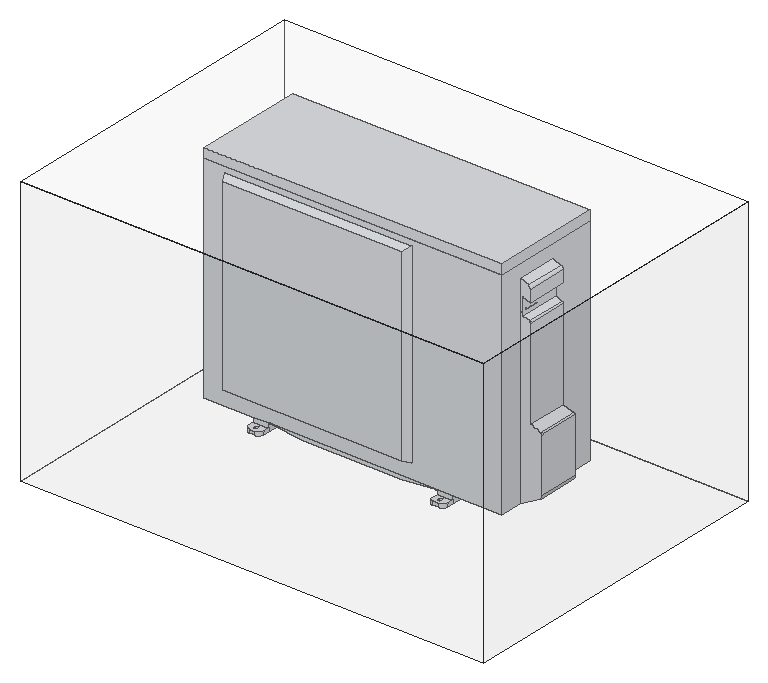
Revit family "puz-ermp40_63ska15_60hz", category 機械設備, Revit 2019
Family settings
  丸型コネクタ寸法 = 直径を使用
  パーツ タイプ = 標準
  OmniClass 番号 = 23.75.10.24.21.27.27
  OmniClass タイトル = Split System Air Conditioning Units
  作業面ベース = いいえ
  常に垂直 = はい
  ロード時にボイドで切り取り = いいえ
  共有 = いいえ
  部屋計算ポイント = いいえ
Parameters (values of type "室外機_PUZ-ERMP40KA15")
  音響パワーレベル_暖房 (dB) = 66
  音響パワーレベル_冷房 (dB) = 64
  音響パワーレベル(dB) = [音響パワーレベル_暖房 (dB)]  # 66
  電源種別 = ""
  電源位置Y = 61 mm
  電源位置Z = 497.7 mm
  電源位置X = 400 mm
  電圧 = 200 V
  電動機出力_送風機 = 0.04 kW
  電動機出力_圧縮機 = 0.7 kW
  集中コントローラ [instance] = ""
  運転質量 = 0.00 kg
  運転方法 = "冷暖切替"
  質量 = if(製品質量 > 運転質量, 製品質量, 運転質量) * 1.2  # 45.60 kg
  負荷分類 = 1_熱源類
  説明 = "空冷H/P PAC インバータ室外機"
  設計暖房能力 [instance] = 0 kW
  設計冷房能力_顕熱 [instance] = 0 kW
  設計冷房能力 [instance] = 0 kW
  設置方法 = "床置形"
  記号 [instance] = ""
  製造元 = "三菱電機株式会社"
  製品質量 = 38.00 kg
  製品出荷対象 = "国内"
  製品リリース年月 = ""
  製品グループ = ""
  系統 [instance] = ""
  符号 = "PAC"
  積算_科目 = "1 空気調和設備"
  積算_拾い区分 [instance] = ""
  相 = 3
  盤記号 [instance] = ""
  発停方法 = "付属スイッチ"
  特殊仕様 [instance] = ""
  消費電力_暖房 = 0 kW
  消費電力_冷房 = 0 kW
  消費電力 = if(消費電力_冷房 > 消費電力_暖房, 消費電力_冷房, 消費電力_暖房)  # 0 kW
  法定耐用年数 = "6"
  構成品番 = "PUZ-ERMP40KA15"
  極数 = 3
  材質 [instance] = ""
  本体マテリアル = none
  最小電線太さ_mm2 = 2
  最大電流値 = 0 A
  暖房能力 = 4 kW
  推奨ブレーカー容量 = 15 A
  据付ピッチ1 = 0 mm
  形式 = "パッケージ形 室外機"
  形名 = PUZ-EZRMP-1 : PUZ-EZRMP-1
  幹線記号 [instance] = ""
  始動方式 = "インバータ始動方式"
  呼称 = "パッケージ形空気調和機_室外機"
  周波数 = 60 Hz
  価格 = 0
  ドレン　位置Z = 8.5 mm
  ドレン　位置Y = 48.5 mm
  ドレン　位置X = 404.5 mm
  アンカーボルト位置Y = 330 mm
  アンカーボルト位置X = 500 mm
  参照している仕様書等のバージョン = "公共建築物標準仕様書（機械設備工事編）平成31年度版"
  分類コード = "5.0053E+13"
  分類グループ = ""
  冷房能力 = 3.6 kW
  冷媒管（ガス）位置X = 420 mm
  冷媒管（液）位置X = 420 mm
  冷媒管（液）位置Y = 153.75 mm
  冷媒管（ガス）位置Y = 153.75 mm
  冷媒管長 [instance] = 0 mm
  冷媒管径符号 = "Ac"
  冷媒管径 = 60.00 mm
  冷媒管位置Z = 158.95 mm
  冷媒管位置Y = (冷媒管（液）位置Y + 冷媒管（ガス）位置Y) / 2  # 153.75 mm
  冷媒管位置X = (冷媒管（液）位置X + 冷媒管（ガス）位置X) / 2  # 420 mm
  冷媒液管径 = 6.35 mm
  冷媒ガス管径 = 12.70 mm
  企業コード = "108420"
  付属品 [instance] = ""
  仕様書バージョン = "Version1.0"
  ユニット数 = 1
  ユニット3 = yes
  ユニット2 = yes
  Model = ""
  ドレン管径 = 42.00 mm
  サービススペース = yes
  コメント [instance] = ""
  ケーブル種類1 = ""
  【値が 0 の項目は組合せ形名にてご確認ください】 = ""
  Width = 809 mm
  Version = ""
  Uniclass2015Version = "Systems v1.9"
  Uniclass2015Title = "Split coil remote air cooled condensing units"
  Uniclass2015Code = "Pr_70_65_03_84"
  URL = "https://www.mitsubishielectric.co.jp/ldg/wink/ssl/top.do"
  SpecificationReference = ""
  SpecificationDescription = ""
  Revision = ""
  ProductInformation = ""
  OmniClassCode = "23-33 17 13 11"
  IfcTypeProduct = ""
  IfcProduct = ""
  IfcExportType = "AIRCONDITIONINGUNIT"
  IfcExportAs = "IfcUnitaryEquipmentType"
  Height = 630 mm
  Depth = 300 mm
  Clearance Top = 100 mm
  Clearance Right = 350 mm
  Clearance Left = 100 mm
  Clearance Front = 500 mm
  Clearance Bottom = 0 mm
  Clearance Back = 100 mm
  COP = 0
  Author = "三菱電機株式会社"
  APF = 0
Reference planes
  plane 1 "中心(正面/背面)": y = 74
  plane 2: z = 0
  plane 3 "中心(左/右)": x = 830
  plane 4 "右": x = 1234.5
  plane 5 "左": x = 425.5
  plane 6 "背面": y = 224
  plane 7 "正面": y = -76
  plane 8 "上部": z = 630
  plane 9 "Clearanse Top": z = 730
  plane 10 "SS_back": y = 324
  plane 11 "SS_front": y = -576
  plane 12 "SS_left": x = 325.5
  plane 13 "SS_right": x = 1584.5
  plane 14: z = 0
  plane 15: y = -15
  plane 16: x = 1230
  plane 17: z = 497.7
  plane 18: y = -13
  plane 19: y = 70.25
  plane 20: x = 1250
  plane 21: y = 175.5
  plane 22: x = 830
  plane 23: z = 10.5
  plane 24: z = 8.5
  plane 25: x = 580
  plane 26: x = 1080
  plane 27: y = 239
  plane 28: y = -91
Forms (mm)
  Extrusion 1, solid, detail levels fine
    sketch origin (0, -76, 0) x (1, 0, 0) y (0, 0, 1)
      loop
        circle (1230, 497.7) r 13.5
    from -63 to -61
  Extrusion 2, solid, detail levels fine
    sketch origin (-1437.329, -1524, 54) x (-1, 0, 0) y (0, -1, 0)
      loop
        circle (-2267.329, -1699.5) r 21
    from -45.5 to -43.5
  Sweep 3, solid, material <- "本体マテリアル", detail levels fine
    path origin (1250, 1296.25, 1200) x (0, 1, 0) y (0, 0, 1)
      loop
        line (-1226, -1041.05) -> (-1272.623, -1084.565)
    profile origin (1250, 46.939, 137.193) x (0, 0.682318, -0.731055) y (1, 0, 0)
      loop
        circle (0, 0) r 30
Lines and regions (mm)
  model lines, not visible
    curve 1: line (460, 178.667, 1289.179) -> (460, 297.73, 1289.179)
    curve 2: line (460, 178.667, 1056.056) -> (460, 178.667, 1289.179)
    curve 3: line (460, 297.73, 1056.056) -> (460, 178.667, 1056.056)
    curve 4: line (460, 297.73, 1289.179) -> (460, 297.73, 1056.056)
    curve 5: line (460, 47.598, 1289.179) -> (460, 166.661, 1289.179)
    curve 6: line (460, 47.598, 1056.056) -> (460, 47.598, 1289.179)
    curve 7: line (460, 166.661, 1056.056) -> (460, 47.598, 1056.056)
    curve 8: line (460, 166.661, 1289.179) -> (460, 166.661, 1056.056)
    curve 9: line (460, -83.471, 1289.179) -> (460, 35.592, 1289.179)
    curve 10: line (460, -83.471, 1056.056) -> (460, -83.471, 1289.179)
    curve 11: line (460, 35.592, 1056.056) -> (460, -83.471, 1056.056)
    curve 12: line (460, 35.592, 1289.179) -> (460, 35.592, 1056.056)
    curve 13: line (460, -150.779, 1289.179) -> (460, -95.75, 1289.179)
    curve 14: line (460, -150.779, 1056.056) -> (460, -150.779, 1289.179)
    curve 15: line (460, -95.75, 1056.056) -> (460, -150.779, 1056.056)
    curve 16: line (460, -95.75, 1289.179) -> (460, -95.75, 1056.056)
    curve 17: line (460, -150.779, 1283.175) -> (460, -132.596, 1283.175)
    curve 18: line (460, -150.779, 1062.059) -> (460, -150.779, 1283.175)
    curve 19: line (460, -132.596, 1062.059) -> (460, -150.779, 1062.059)
    curve 20: line (460, -132.596, 1283.175) -> (460, -132.596, 1062.059)
    curve 21: line (460, 178.667, 1046.051) -> (460, 297.73, 1046.051)
    curve 22: line (460, 178.667, 812.928) -> (460, 178.667, 1046.051)
    curve 23: line (460, 297.73, 812.928) -> (460, 178.667, 812.928)
    curve 24: line (460, 297.73, 1046.051) -> (460, 297.73, 812.928)
    curve 25: line (460, 47.598, 1046.051) -> (460, 166.661, 1046.051)
    curve 26: line (460, 47.598, 812.928) -> (460, 47.598, 1046.051)
    curve 27: line (460, 166.661, 812.928) -> (460, 47.598, 812.928)
    curve 28: line (460, 166.661, 1046.051) -> (460, 166.661, 812.928)
    curve 29: line (460, -83.471, 1046.051) -> (460, 35.592, 1046.051)
    curve 30: line (460, -83.471, 812.928) -> (460, -83.471, 1046.051)
    curve 31: line (460, 35.592, 812.928) -> (460, -83.471, 812.928)
    curve 32: line (460, 35.592, 1046.051) -> (460, 35.592, 812.928)
    curve 33: line (460, -150.779, 1046.051) -> (460, -95.75, 1046.051)
    curve 34: line (460, -150.779, 812.928) -> (460, -150.779, 1046.051)
    curve 35: line (460, -95.75, 812.928) -> (460, -150.779, 812.928)
    curve 36: line (460, -95.75, 1046.051) -> (460, -95.75, 812.928)
    curve 37: line (460, -150.779, 1040.048) -> (460, -132.596, 1040.048)
    curve 38: line (460, -150.779, 818.931) -> (460, -150.779, 1040.048)
    curve 39: line (460, -132.596, 818.931) -> (460, -150.779, 818.931)
    curve 40: line (460, -132.596, 1040.048) -> (460, -132.596, 818.931)
    curve 41: line (460, 178.667, 802.923) -> (460, 297.73, 802.923)
    curve 42: line (460, 178.667, 569.8) -> (460, 178.667, 802.923)
    curve 43: line (460, 297.73, 569.8) -> (460, 178.667, 569.8)
    curve 44: line (460, 297.73, 802.923) -> (460, 297.73, 569.8)
    curve 45: line (460, 47.598, 802.923) -> (460, 166.661, 802.923)
    curve 46: line (460, 47.598, 569.8) -> (460, 47.598, 802.923)
    curve 47: line (460, 166.661, 569.8) -> (460, 47.598, 569.8)
    curve 48: line (460, 166.661, 802.923) -> (460, 166.661, 569.8)
    curve 49: line (460, -83.471, 802.923) -> (460, 35.592, 802.923)
    curve 50: line (460, -83.471, 569.8) -> (460, -83.471, 802.923)
    curve 51: line (460, 35.592, 569.8) -> (460, -83.471, 569.8)
    curve 52: line (460, 35.592, 802.923) -> (460, 35.592, 569.8)
    curve 53: line (460, -150.779, 802.923) -> (460, -95.75, 802.923)
    curve 54: line (460, -150.779, 569.8) -> (460, -150.779, 802.923)
    curve 55: line (460, -95.75, 569.8) -> (460, -150.779, 569.8)
    curve 56: line (460, -95.75, 802.923) -> (460, -95.75, 569.8)
    curve 57: line (460, -150.779, 796.92) -> (460, -132.596, 796.92)
    curve 58: line (460, -150.779, 575.803) -> (460, -150.779, 796.92)
    curve 59: line (460, -132.596, 575.803) -> (460, -150.779, 575.803)
    curve 60: line (460, -132.596, 796.92) -> (460, -132.596, 575.803)
    curve 61: line (460, 178.667, 559.795) -> (460, 297.73, 559.795)
    curve 62: line (460, 178.667, 326.672) -> (460, 178.667, 559.795)
    curve 63: line (460, 297.73, 326.672) -> (460, 178.667, 326.672)
    curve 64: line (460, 297.73, 559.795) -> (460, 297.73, 326.672)
    curve 65: line (460, 47.598, 559.795) -> (460, 166.661, 559.795)
    curve 66: line (460, 47.598, 326.672) -> (460, 47.598, 559.795)
    curve 67: line (460, 166.661, 326.672) -> (460, 47.598, 326.672)
    curve 68: line (460, 166.661, 559.795) -> (460, 166.661, 326.672)
    curve 69: line (460, -83.471, 559.795) -> (460, 35.592, 559.795)
    curve 70: line (460, -83.471, 326.672) -> (460, -83.471, 559.795)
    curve 71: line (460, 35.592, 326.672) -> (460, -83.471, 326.672)
    curve 72: line (460, 35.592, 559.795) -> (460, 35.592, 326.672)
    curve 73: line (460, -150.779, 559.795) -> (460, -95.75, 559.795)
    curve 74: line (460, -150.779, 326.672) -> (460, -150.779, 559.795)
    curve 75: line (460, -95.75, 326.672) -> (460, -150.779, 326.672)
    curve 76: line (460, -95.75, 559.795) -> (460, -95.75, 326.672)
    curve 77: line (460, -150.779, 553.792) -> (460, -132.596, 553.792)
    curve 78: line (460, -150.779, 332.675) -> (460, -150.779, 553.792)
    curve 79: line (460, -132.596, 332.675) -> (460, -150.779, 332.675)
    curve 80: line (460, -132.596, 553.792) -> (460, -132.596, 332.675)
    curve 81: line (460, 178.667, 316.667) -> (460, 297.73, 316.667)
    curve 82: line (460, 178.667, 83.544) -> (460, 178.667, 316.667)
    curve 83: line (460, 297.73, 83.544) -> (460, 178.667, 83.544)
    curve 84: line (460, 297.73, 316.667) -> (460, 297.73, 83.544)
    curve 85: line (460, 47.598, 316.667) -> (460, 166.661, 316.667)
    curve 86: line (460, 47.598, 83.544) -> (460, 47.598, 316.667)
    curve 87: line (460, 166.661, 83.544) -> (460, 47.598, 83.544)
    curve 88: line (460, 166.661, 316.667) -> (460, 166.661, 83.544)
    curve 89: line (460, -83.471, 316.667) -> (460, 35.592, 316.667)
    curve 90: line (460, -83.471, 83.544) -> (460, -83.471, 316.667)
    curve 91: line (460, 35.592, 83.544) -> (460, -83.471, 83.544)
    curve 92: line (460, 35.592, 316.667) -> (460, 35.592, 83.544)
    curve 93: line (460, -150.779, 316.667) -> (460, -95.75, 316.667)
    curve 94: line (460, -150.779, 83.544) -> (460, -150.779, 316.667)
    curve 95: line (460, -95.75, 83.544) -> (460, -150.779, 83.544)
    curve 96: line (460, -95.75, 316.667) -> (460, -95.75, 83.544)
    curve 97: line (460, -150.779, 310.664) -> (460, -132.596, 310.664)
    curve 98: line (460, -150.779, 89.547) -> (460, -150.779, 310.664)
    curve 99: line (460, -132.596, 89.547) -> (460, -150.779, 89.547)
    curve 100: line (460, -132.596, 310.664) -> (460, -132.596, 89.547)
Dimensions and locks
  equal spacing: plane 7 "正面", plane 1 "中心(正面/背面)", plane 6 "背面"
  "Depth": plane 7 "正面" to plane 6 "背面"
  "Width": plane 5 "左" to plane 4 "右"
  equal spacing: plane 5 "左", plane 3 "中心(左/右)", plane 4 "右"
  "Clearance Left": plane 12 "SS_left" to plane 5 "左"
  "Clearance Right": plane 4 "右" to plane 13 "SS_right"
  "Clearance Back": plane 6 "背面" to plane 10 "SS_back"
  "Clearance Front": plane 11 "SS_front" to plane 7 "正面"
  "Height": plane 8 "上部" to level
  "Clearance Top": plane 9 "Clearanse Top" to plane 8 "上部"
  "Clearance Bottom": level to plane 14
  "電源位置X": plane 3 "中心(左/右)" to plane 16
  "電源位置Y": plane 7 "正面" to plane 15
  "電源位置Z": plane 17 to level
  locked: plane 15 to plane 18 at 2
  "冷媒管位置X": plane 3 "中心(左/右)" to plane 20
  "冷媒管位置Y": plane 19 to plane 6 "背面"
  "ドレン　位置X": plane 5 "左" to plane 22
  "ドレン　位置Y": plane 21 to plane 6 "背面"
  locked: plane 23 to plane 24 at 2
  "ドレン　位置Z": plane 24 to level
  equal spacing: plane 28, plane 1 "中心(正面/背面)", plane 27
  "アンカーボルト位置Y": plane 28 to plane 27
  equal spacing: plane 25, plane 3 "中心(左/右)", plane 26
  "アンカーボルト位置X": plane 25 to plane 26
  radius of Extrusion 1 sketch curve = 13.5 mm
  "ドレン管径": diameter of Extrusion 2 sketch curve
  "冷媒管径": diameter of Sweep 3 sketch curve
  aligned and locked: level to plane 2
  aligned and locked: plane 10 "SS_back" to nested 1  (x2)
  aligned and locked: plane 13 "SS_right" to nested 1
  aligned and locked: plane 12 "SS_left" to nested 1  (x2)
  aligned and locked: nested 1 to plane 13 "SS_right"
  aligned and locked: plane 11 "SS_front" to nested 1
  aligned and locked: plane 9 "Clearanse Top" to nested 1
  aligned and locked: plane 1 "中心(正面/背面)" to nested 2
  aligned and locked: plane 3 "中心(左/右)" to nested 2
  aligned and locked: plane 14 to nested 1
  aligned and locked: plane 17 to Extrusion 1 sketch curve
  aligned and locked: plane 16 to Extrusion 1 sketch curve
  aligned and locked: Extrusion 1 to plane 18
  aligned and locked: plane 15 to Extrusion 1
  aligned and locked: plane 22 to Extrusion 2 sketch curve
  aligned and locked: plane 21 to Extrusion 2 sketch curve
  aligned and locked: plane 23 to Extrusion 2
  aligned and locked: Extrusion 2 to plane 24
  aligned and locked: plane 25 to nested 3
  aligned and locked: plane 27 to nested 3
Automatic sketch dimensions
  Sweep 3 sketch curve to plane 18 = 36.627 mm
  plane 1 "中心(正面/背面)" to Sweep 3 sketch curve = 3.75 mm
  plane 23 to Sweep 3 sketch curve = 104.935 mm
  Sweep 3 sketch curve to Sweep 3 sketch curve = 43.515 mm
  Sweep 3 sketch curve to plane 20 = 0 mm
  Sweep 3 sketch curve to profile plane = 0 mm
Nested families
  nested 1: "サービススペース" at (955, -126, 365), visible <- "サービススペース", type "サービススペース"
    with Width 1259 mm, Height 730 mm, Depth 900 mm
  nested 2: "PUZ-EZRMP-1" at (830, 74, 0), type <- "形名", type "PUZ-EZRMP-1", detail levels fine
  nested 3: "固定点" at (580, -91, 0), type "固定点"
    with 中心円 10 mm, W 500 mm, D 330 mm
Connectors
  electrical at (1230, -15, 497.7), driven by "極数", driven by "負荷分類", driven by "電圧", driven by "消費電力"
    settings: on Extrusion 1, index 2, voltage 200 V, apparent load 0 VA, apparent load phase1 0 VA, apparent load phase2 0 VA, apparent load phase3 0 VA, power factor 1, load classification "1_熱源類", number of poles 3, system type 30, power factor state 1, is connector primary yes, connector utility no, sub classification motor no, connector description ""
  piping at (1250, 70.25, 158.95), diameter 60, driven by "冷媒管径", driven by "冷媒管径符号"
    settings: on Sweep 3, index 3, connector inside diameter 609.60 mm, connector length 0 mm, flow factor 0, pipe flow 0.0 L/s, pressure drop 0.0 Pa, fitting loss kfactor 0, connector angle 0.00°, fixture units 0, engagement length 0 mm, angle of deflection 0.00°, flow configuration 1, flow direction 2, fitting loss method 4, system type 7, joint type 0, gender type 0, connector reference index -1, connector utility 0, adjustable connector no, is connector primary yes, connector description "Ac"
Definition of nested family "サービススペース"
  Parameters (values of type "サービススペース")
    Width [instance] = 500 mm
    Height [instance] = 500 mm
    Depth [instance] = 500 mm
  Reference planes
    plane 1 "中心(正面/背面)": y = 0
    plane 2: z = 0
    plane 3 "中心(左/右)": x = 0
    plane 4: y = -250
    plane 5: x = 250
    plane 6: y = 250
    plane 7: x = -250
    plane 8: z = 250
    plane 9: z = -250
  Forms (mm)
    Extrusion 1, solid
      sketch origin (-638.939, 0, 72.39) x (1, 0, 0) y (0, 1, 0)
        loop
          line (388.939, 250) -> (388.939, -250) -> (888.939, -250) -> (888.939, 250) -> (388.939, 250)
      from -322.39 to 177.61
  Lines and regions (mm)
    symbolic lines
      curve 1: line (-250, 0, 250) -> (250, 0, 250)
      curve 2: line (-250, 0, -250) -> (-250, 0, 250)
      curve 3: line (250, 0, -250) -> (-250, 0, -250)
      curve 4: line (250, 0, 250) -> (250, 0, -250)
      curve 5: line (0, -250, 250) -> (0, 250, 250)
      curve 6: line (0, -250, -250) -> (0, -250, 250)
      curve 7: line (0, 250, -250) -> (0, -250, -250)
      curve 8: line (0, 250, 250) -> (0, 250, -250)
      curve 9: line (-250, 250, 0) -> (250, 250, 0)
      curve 10: line (-250, -250, 0) -> (-250, 250, 0)
      curve 11: line (250, -250, 0) -> (-250, -250, 0)
      curve 12: line (250, 250, 0) -> (250, -250, 0)
  Dimensions and locks
    equal spacing: plane 7, plane 3 "中心(左/右)", plane 5
    equal spacing: plane 4, plane 1 "中心(正面/背面)", plane 6
    "Depth": plane 4 to plane 6
    "Width": plane 7 to plane 5
    equal spacing: plane 8, plane 2, plane 9
    "Height": plane 8 to plane 9
    aligned and locked: plane 9 to curve 3
    aligned and locked: plane 7 to curve 2
    aligned and locked: curve 4 to plane 5
    aligned and locked: plane 5 to Extrusion 1
    aligned and locked: Extrusion 1 to plane 7
    aligned and locked: Extrusion 1 to plane 9
    aligned and locked: plane 8 to Extrusion 1
    aligned and locked: plane 9 to curve 7
  Automatic sketch dimensions
    plane 4 to Extrusion 1 sketch curve = 0 mm
    Extrusion 1 sketch curve to plane 7 = 0 mm
    Extrusion 1 sketch curve to plane 5 = 0 mm
    plane 6 to Extrusion 1 sketch curve = 0 mm
    curve 2 to plane 8 = 0 mm
    plane 4 to curve 11 = 0 mm
    curve 11 to plane 7 = 0 mm
    curve 11 to plane 5 = 0 mm
    plane 6 to curve 10 = 0 mm
    curve 7 to plane 4 = 0 mm
    curve 7 to plane 6 = 0 mm
    curve 6 to plane 8 = 0 mm
Definition of nested family "PUZ-EZRMP-1"
  Parameters (values of type "PUZ-ZRMP-1")
    配線取出口サイズ = 27 mm
    配線取出口-Z = 497.7 mm
    配線取出口-Y = 239 mm
    配線取出口-X = 400 mm
    液配管サイズ = 50 mm
    高さ = 630 mm
    換気-W = 310 mm
    換気-H2 = 632 mm
    換気-H1 = 325 mm
    換気-D = 20 mm
    奥行き = 300 mm
    吊りボルト_H = 0 mm
    吊りボルト-φ = 10 mm
    冷媒配管サイズ = 6.35 mm
    冷媒液管径-Z = 164.5 mm
    冷媒液管径-Y = 185.5 mm
    冷媒液管径-X = 420 mm
    冷媒ガス管径-Z = 99.5 mm
    冷媒ガス管径-Y = 185.5 mm
    冷媒ガス管径-X = 420 mm
    吊りボルト-W = 500 mm
    マテリアル = none
    ドレン配管サイズ = 42 mm
    ドレン管径-Z = 0 mm
    ドレン管径-Y = 251.5 mm
    ドレン管径-X = 404.5 mm
    タイプ3 = no
    タイプ2 = no
    タイプ1 = yes
    ガス配管サイズ = 12.7 mm
    吊りボルト-D = 330 mm
    幅さ = 809 mm
    a = 600 mm
  Reference planes
    plane 1 "中心(正面/背面)": y = 0
    plane 2: z = 0
    plane 3 "中心(左/右)": x = 0
    plane 4: z = 630
    plane 5: x = -404.5
    plane 6: x = 404.5
    plane 7: y = 150
    plane 8: y = -150
    plane 9: x = 466.5
    plane 10: y = -90
    plane 11: y = 20
    plane 12: z = 605
    plane 13: x = -424.5
    plane 14: x = -250
    plane 15: x = 250
    plane 16: y = 165
    plane 17: y = -165
    plane 18: x = 270
    plane 19: x = 230
    plane 20: x = -230
    plane 21: x = -270
    plane 22: y = 180
    plane 23: y = -180
    plane 24: z = 8.5
    plane 25: z = 20
    plane 26: z = 11.5
    plane 27: x = -135
    plane 28: x = 135
    plane 29: z = 625
    plane 30: y = -40
    plane 31: y = 40
    plane 32: y = -30
    plane 33: y = 30
    plane 34: z = 610
    plane 35: z = 55
    plane 36: z = 225
    plane 37: z = 570
    plane 38: x = 414.5
    plane 39: x = 435.5
    plane 40: y = -170
    plane 41: x = -94.5
    plane 42: z = 325
    plane 43: x = 159.5
    plane 44: x = -348.5
    plane 45: z = 589
    plane 46: z = 61
    plane 47: x = -338.5
    plane 48: x = 149.5
    plane 49: z = 579
    plane 50: z = 71
    plane 51: y = 100
    plane 52: y = -100
    plane 53: x = 0
    plane 54: y = 101.5
    plane 55: x = 420
    plane 56: x = 400
    plane 57: y = -89
    plane 58: y = -35.5
    plane 59: y = -35.5
    plane 60: x = 420
    plane 61: z = 99.5
    plane 62: z = 164.5
    plane 63: z = 497.7
    plane 64: y = -39
    plane 65: z = 137.3
    plane 66: z = 180.6
    plane 67: x = 420
    plane 68: y = -35.5
    plane 69 "グループ": x = -600
    plane 70: z = 1338
    plane 71: z = 943
    plane 72: z = 957
    plane 73: z = 1221
    plane 74: z = 693
    plane 75: z = 1211
    plane 76: z = 703
    plane 77: y = -12.5
    plane 78: y = 5
    plane 79: y = -3.75
  Forms (mm)
    Extrusion 1, solid, visible <- "タイプ1", detail levels fine
      sketch origin (-1437.329, -1524, 630) x (-1, 0, 0) y (0, -1, 0)
        loop
          line (-1167.329, -1674) -> (-1167.329, -1374) -> (-1207.329, -1374) -> (-1207.329, -1674) -> (-1167.329, -1674)
        loop
          line (-1667.329, -1674) -> (-1667.329, -1374) -> (-1707.329, -1374) -> (-1707.329, -1674) -> (-1667.329, -1674)
      from -630 to -610
    Extrusion 2, solid, material <- "マテリアル", visible <- "タイプ1", detail levels fine
      sketch origin (0, 0, 0) x (1, 0, 0) y (0, 0, 1)
        loop
          line (-230, 20) -> (-135, 11.5) -> (135, 11.5) -> (230, 20) -> (-230, 20)
      from -150 to 150
    Extrusion 3, solid, material <- "マテリアル", visible <- "タイプ1", detail levels fine
      sketch origin (-1437.329, -1524, 630) x (-1, 0, 0) y (0, -1, 0)
        loop
          circle (-1437.329, -1625.5) r 21
      from -621.5 to -618.5
    Extrusion 4, solid, material <- "マテリアル", visible <- "タイプ1", detail levels fine
      sketch origin (-1437.329, -1524, 630) x (-1, 0, 0) y (0, -1, 0)
        loop
          line (-1841.829, -1674) -> (-1032.829, -1674) -> (-1032.829, -1374) -> (-1841.829, -1374) -> (-1841.829, -1674)
      from -610 to -25
    Extrusion 5, solid, material <- "マテリアル", visible <- "タイプ1", detail levels fine
      sketch origin (-1437.329, -1524, 630) x (-1, 0, 0) y (0, -1, 0)
        loop
          line (-1032.829, -1674) -> (-1032.829, -1374) -> (-1841.829, -1374) -> (-1841.829, -1674) -> (-1032.829, -1674)
      from -25 to 0
    Blend 6, solid, material <- "マテリアル", visible <- "タイプ1", detail levels fine
      base sketch origin (0, 0, 0) x (0, 1, 0) y (0, 0, 1)
        loop
          line (40, 625) -> (-40, 625) -> (-40, 605) -> (40, 605) -> (40, 625)
      top sketch origin (0, 0, 0) x (0, 1, 0) y (0, 0, 1)
        loop
          line (30, 610) -> (-30, 610) -> (-30, 605) -> (30, 605) -> (30, 610)
      from -404.5 to -424.5
    Extrusion 7, solid, material <- "マテリアル", visible <- "タイプ1", detail levels fine
      sketch origin (0, 0, 0) x (1, 0, 0) y (0, 0, 1)
        loop
          line (404.5, 570) -> (404.5, 20) -> (461.416, 52.13)
          arc (461.416, 52.13) -> (465.136, 55.796) -> (466.5, 60.838) r 10
          line (466.5, 60.838) -> (466.5, 210.216)
          arc (466.5, 210.216) -> (465.596, 213.084) -> (463.21, 214.914) r 5
          line (463.21, 214.914) -> (435.5, 225) -> (435.5, 470.082)
          arc (435.5, 470.082) -> (434.596, 472.95) -> (432.21, 474.78) r 5
          line (432.21, 474.78) -> (414.5, 481.226) -> (414.5, 529.114) -> (435.5, 521.471) -> (435.5, 551.715)
          arc (435.5, 551.715) -> (433.692, 557.451) -> (428.92, 561.112) r 10
          line (428.92, 561.112) -> (404.5, 570)
      from -20 to 90
    Blend 8, solid, material <- "マテリアル", visible <- "タイプ1", detail levels fine
      base sketch origin (0, 0, 0) x (1, 0, 0) y (0, 0, 1)
        loop
          line (-348.5, 589) -> (-348.5, 61) -> (159.5, 61) -> (159.5, 589) -> (-348.5, 589)
      top sketch origin (0, 0, 0) x (1, 0, 0) y (0, 0, 1)
        loop
          line (-338.5, 579) -> (-338.5, 71) -> (149.5, 71) -> (149.5, 579) -> (-338.5, 579)
      from 150 to 170
    Extrusion 9, solid, material <- "マテリアル", visible <- "タイプ1", detail levels fine
      sketch origin (1480.036, -170, 1200) x (1, 0, 0) y (0, 0, 1)
        loop
          circle (-1080.036, -702.3) r 13.5
      from -131 to -81
    Extrusion 10, solid, visible <- "タイプ1", detail levels fine
      sketch origin (-1437.329, -1524, 630) x (-1, 0, 0) y (0, -1, 0)
        loop
          line (-1167.329, -1704) -> (-1167.329, -1674) -> (-1207.329, -1674) -> (-1207.329, -1704) -> (-1192.329, -1704) -> (-1192.329, -1689)
          arc (-1192.329, -1689) -> (-1187.329, -1684) -> (-1182.329, -1689) r 5
          line (-1182.329, -1689) -> (-1182.329, -1704) -> (-1167.329, -1704)
        loop
          line (-1667.329, -1704) -> (-1667.329, -1674) -> (-1707.329, -1674) -> (-1707.329, -1704) -> (-1692.329, -1704) -> (-1692.329, -1689)
          arc (-1692.329, -1689) -> (-1687.329, -1684) -> (-1682.329, -1689) r 5
          line (-1682.329, -1689) -> (-1682.329, -1704) -> (-1667.329, -1704)
        loop
          line (-1667.329, -1374) -> (-1667.329, -1354)
          arc (-1667.329, -1354) -> (-1670.258, -1346.929) -> (-1677.329, -1344) r 10
          line (-1677.329, -1344) -> (-1694.129, -1344)
          arc (-1694.129, -1344) -> (-1703.463, -1347.866) -> (-1707.329, -1357.2) r 13.2
          line (-1707.329, -1357.2) -> (-1707.329, -1374) -> (-1667.329, -1374)
        loop
          line (-1167.329, -1374) -> (-1167.329, -1357.2)
          arc (-1167.329, -1357.2) -> (-1171.196, -1347.866) -> (-1180.529, -1344) r 13.2
          line (-1180.529, -1344) -> (-1194.129, -1344)
          arc (-1194.129, -1344) -> (-1203.463, -1347.866) -> (-1207.329, -1357.2) r 13.2
          line (-1207.329, -1357.2) -> (-1207.329, -1374) -> (-1167.329, -1374)
        loop
          arc (-1192.329, -1359) -> (-1187.329, -1364) -> (-1182.329, -1359) r 5
          line (-1182.329, -1359) -> (-1182.329, -1357.2)
          arc (-1182.329, -1357.2) -> (-1187.329, -1352.2) -> (-1192.329, -1357.2) r 5
          line (-1192.329, -1357.2) -> (-1192.329, -1359)
        loop
          arc (-1692.329, -1359) -> (-1687.329, -1364) -> (-1682.329, -1359) r 5
          line (-1682.329, -1359) -> (-1682.329, -1357.2)
          arc (-1682.329, -1357.2) -> (-1687.329, -1352.2) -> (-1692.329, -1357.2) r 5
          line (-1692.329, -1357.2) -> (-1692.329, -1359)
      from -621.5 to -630
    Sweep 11, solid, material <- "マテリアル", visible <- "タイプ1", detail levels fine
      path origin (420, 1296.25, 1200) x (0, 1, 0) y (0, 0, 1)
        loop
          line (-1331.75, -1035.5) -> (-1308.75, -1019.4)
      profile origin (420, -24, 172.55) x (0, -0.573462, 0.819232) y (1, 0, 0)
        loop
          circle (0, 0) r 3.175
    Sweep 12, solid, material <- "マテリアル", visible <- "タイプ1", detail levels fine
      path origin (420, 1296.25, 1200) x (0, 1, 0) y (0, 0, 1)
        loop
          line (-1331.75, -1100.5) -> (-1291.25, -1062.7)
      profile origin (420, -15.25, 118.4) x (0, -0.682318, 0.731055) y (1, 0, 0)
        loop
          circle (0, 0) r 6.35
  Lines and regions (mm)
    Masking region 1, visible <- "タイプ1", detail levels coarse+medium
      outline origin (-1437.329, -1524, 630) x (-1, 0, 0) y (0, -1, 0)
        loop
          line (-1841.829, -1674) -> (-1707.329, -1674) -> (-1707.329, -1704) -> (-1667.329, -1704) -> (-1667.329, -1674) -> (-1207.329, -1674) -> (-1207.329, -1704) -> (-1167.329, -1704) -> (-1167.329, -1674) -> (-1032.829, -1674) -> (-1032.829, -1564) -> (-1012.829, -1554) -> (-1012.829, -1494) -> (-1032.829, -1484) -> (-1032.829, -1374) -> (-1088.829, -1374) -> (-1098.829, -1354) -> (-1164.523, -1354)
          arc (-1164.523, -1354) -> (-1169.205, -1346.796) -> (-1177.329, -1344) r 13.2
          line (-1177.329, -1344) -> (-1193.997, -1344)
          arc (-1193.997, -1344) -> (-1202.121, -1346.796) -> (-1206.804, -1354) r 13.2
          line (-1206.804, -1354) -> (-1586.829, -1354) -> (-1596.829, -1374) -> (-1667.329, -1374) -> (-1667.329, -1354)
          arc (-1667.329, -1354) -> (-1670.258, -1346.929) -> (-1677.329, -1344) r 10
          line (-1677.329, -1344) -> (-1694.129, -1344)
          arc (-1694.129, -1344) -> (-1703.463, -1347.866) -> (-1707.329, -1357.2) r 13.2
          line (-1707.329, -1357.2) -> (-1707.329, -1374) -> (-1841.829, -1374) -> (-1841.829, -1434) -> (-1903.829, -1434) -> (-1903.829, -1544) -> (-1841.829, -1544) -> (-1841.829, -1674)
    model lines, visible <- "タイプ1", detail levels fine
      curve 1: line (324.5, 100, 630) -> (-324.5, 100, 630)
      curve 2: line (-324.5, -100, 630) -> (324.5, -100, 630)
      curve 3: line (-324.5, -40, 630) -> (324.5, -40, 630)
      curve 4: line (324.5, 40, 630) -> (-324.5, 40, 630)
      curve 5: line (-324.5, -30, 630) -> (324.5, -30, 630)
      curve 6: line (324.5, 30, 630) -> (-324.5, 30, 630)
      curve 7: line (-324.5, 100, 630) -> (-324.5, 40, 630)
      curve 8: line (324.5, -100, 630) -> (324.5, -40, 630)
      curve 9: line (-324.5, 30, 630) -> (-324.5, -30, 630)
      curve 10: line (-324.5, -40, 630) -> (-324.5, -100, 630)
      curve 11: line (324.5, -30, 630) -> (324.5, 30, 630)
      curve 12: line (324.5, 40, 630) -> (324.5, 100, 630)
      curve 13: line (354.5, -100, 630) -> (354.5, 100, 630)
      curve 14: line (339.5, -100, 630) -> (339.5, 100, 630)
      curve 15: line (-354.5, 100, 630) -> (-354.5, -100, 630)
      curve 16: line (-339.5, 100, 630) -> (-339.5, -100, 630)
      curve 17: line (-339.5, 100, 630) -> (-354.5, 100, 630)
      curve 18: line (-339.5, -100, 630) -> (-354.5, -100, 630)
      curve 19: line (339.5, 100, 630) -> (354.5, 100, 630)
      curve 20: line (339.5, -100, 630) -> (354.5, -100, 630)
      curve 21: line (-338.5, -170, 372.5) -> (149.5, -170, 372.5)
      curve 22: line (149.5, -170, 277.5) -> (-338.5, -170, 277.5)
      curve 23: line (-338.5, -170, 467.5) -> (149.5, -170, 467.5)
      curve 24: line (-338.5, -170, 562.5) -> (149.5, -170, 562.5)
      curve 25: line (149.5, -170, 182.5) -> (-338.5, -170, 182.5)
      curve 26: line (149.5, -170, 87.5) -> (-338.5, -170, 87.5)
      curve 27: line (-321.071, -170, 579) -> (-321.071, -170, 71)
      curve 28: line (132.071, -170, 71) -> (132.071, -170, 579)
      curve 29: line (-303.643, -170, 579) -> (-303.643, -170, 71)
      curve 30: line (-286.214, -170, 579) -> (-286.214, -170, 71)
      curve 31: line (-268.786, -170, 579) -> (-268.786, -170, 71)
      curve 32: line (-251.357, -170, 579) -> (-251.357, -170, 71)
      curve 33: line (-233.929, -170, 579) -> (-233.929, -170, 71)
      curve 34: line (-216.5, -170, 579) -> (-216.5, -170, 71)
      curve 35: line (-199.071, -170, 579) -> (-199.071, -170, 71)
      curve 36: line (-181.643, -170, 579) -> (-181.643, -170, 71)
      curve 37: line (-164.214, -170, 579) -> (-164.214, -170, 71)
      curve 38: line (-146.786, -170, 579) -> (-146.786, -170, 71)
      curve 39: line (-129.357, -170, 579) -> (-129.357, -170, 71)
      curve 40: line (-111.929, -170, 579) -> (-111.929, -170, 71)
      curve 41: line (-94.5, -170, 579) -> (-94.5, -170, 71)
      curve 42: line (-77.071, -170, 579) -> (-77.071, -170, 71)
      curve 43: line (-59.643, -170, 579) -> (-59.643, -170, 71)
      curve 44: line (-42.214, -170, 579) -> (-42.214, -170, 71)
      curve 45: line (-24.786, -170, 579) -> (-24.786, -170, 71)
      curve 46: line (-7.357, -170, 579) -> (-7.357, -170, 71)
      curve 47: line (10.071, -170, 579) -> (10.071, -170, 71)
      curve 48: line (27.5, -170, 579) -> (27.5, -170, 71)
      curve 49: line (44.929, -170, 579) -> (44.929, -170, 71)
      curve 50: line (62.357, -170, 579) -> (62.357, -170, 71)
      curve 51: line (79.786, -170, 579) -> (79.786, -170, 71)
      curve 52: line (97.214, -170, 579) -> (97.214, -170, 71)
      curve 53: line (114.643, -170, 579) -> (114.643, -170, 71)
      curve 54: line (-404.5, -10, 574) -> (-404.5, -10, 584)
      curve 55: line (-404.5, -100, 584) -> (-404.5, -100, 574)
      curve 56: line (-404.5, 100, 584) -> (-404.5, 100, 574)
      curve 57: line (-404.5, 10, 584) -> (-404.5, 10, 574)
      curve 58: line (-404.5, 95, 589) -> (-404.5, 15, 589)
      curve 59: line (-404.5, -15, 589) -> (-404.5, -95, 589)
      curve 60: line (-404.5, -15, 569) -> (-404.5, -95, 569)
      curve 61: line (-404.5, 95, 569) -> (-404.5, 15, 569)
      curve 62: arc (-404.5, 100, 584) -> (-404.5, 98.536, 587.536) -> (-404.5, 95, 589) r 5
      curve 63: arc (-404.5, 95, 569) -> (-404.5, 98.536, 570.464) -> (-404.5, 100, 574) r 5
      curve 64: arc (-404.5, 10, 584) -> (-404.5, 11.464, 587.536) -> (-404.5, 15, 589) r 5
      curve 65: arc (-404.5, 10, 574) -> (-404.5, 11.464, 570.464) -> (-404.5, 15, 569) r 5
      curve 66: arc (-404.5, -10, 584) -> (-404.5, -11.464, 587.536) -> (-404.5, -15, 589) r 5
      curve 67: arc (-404.5, -15, 569) -> (-404.5, -11.464, 570.464) -> (-404.5, -10, 574) r 5
      curve 68: arc (-404.5, -95, 589) -> (-404.5, -98.536, 587.536) -> (-404.5, -100, 584) r 5
      curve 69: arc (-404.5, -100, 574) -> (-404.5, -98.536, 570.464) -> (-404.5, -95, 569) r 5
      curve 70: line (-404.5, -10, 544) -> (-404.5, -10, 554)
      curve 71: line (-404.5, -100, 554) -> (-404.5, -100, 544)
      curve 72: line (-404.5, 100, 554) -> (-404.5, 100, 544)
      curve 73: line (-404.5, 10, 554) -> (-404.5, 10, 544)
      curve 74: line (-404.5, 95, 559) -> (-404.5, 15, 559)
      curve 75: line (-404.5, -15, 559) -> (-404.5, -95, 559)
      curve 76: line (-404.5, -15, 539) -> (-404.5, -95, 539)
      curve 77: line (-404.5, 95, 539) -> (-404.5, 15, 539)
      curve 78: arc (-404.5, 100, 554) -> (-404.5, 98.536, 557.536) -> (-404.5, 95, 559) r 5
      curve 79: arc (-404.5, 95, 539) -> (-404.5, 98.536, 540.464) -> (-404.5, 100, 544) r 5
      curve 80: arc (-404.5, 10, 554) -> (-404.5, 11.464, 557.536) -> (-404.5, 15, 559) r 5
      curve 81: arc (-404.5, 10, 544) -> (-404.5, 11.464, 540.464) -> (-404.5, 15, 539) r 5
      curve 82: arc (-404.5, -10, 554) -> (-404.5, -11.464, 557.536) -> (-404.5, -15, 559) r 5
      curve 83: arc (-404.5, -15, 539) -> (-404.5, -11.464, 540.464) -> (-404.5, -10, 544) r 5
      curve 84: arc (-404.5, -95, 559) -> (-404.5, -98.536, 557.536) -> (-404.5, -100, 554) r 5
      curve 85: arc (-404.5, -100, 544) -> (-404.5, -98.536, 540.464) -> (-404.5, -95, 539) r 5
      curve 86: line (-404.5, -10, 514) -> (-404.5, -10, 524)
      curve 87: line (-404.5, -100, 524) -> (-404.5, -100, 514)
      curve 88: line (-404.5, 100, 524) -> (-404.5, 100, 514)
      curve 89: line (-404.5, 10, 524) -> (-404.5, 10, 514)
      curve 90: line (-404.5, 95, 529) -> (-404.5, 15, 529)
      curve 91: line (-404.5, -15, 529) -> (-404.5, -95, 529)
      curve 92: line (-404.5, -15, 509) -> (-404.5, -95, 509)
      curve 93: line (-404.5, 95, 509) -> (-404.5, 15, 509)
      curve 94: arc (-404.5, 100, 524) -> (-404.5, 98.536, 527.536) -> (-404.5, 95, 529) r 5
      curve 95: arc (-404.5, 95, 509) -> (-404.5, 98.536, 510.464) -> (-404.5, 100, 514) r 5
      curve 96: arc (-404.5, 10, 524) -> (-404.5, 11.464, 527.536) -> (-404.5, 15, 529) r 5
      curve 97: arc (-404.5, 10, 514) -> (-404.5, 11.464, 510.464) -> (-404.5, 15, 509) r 5
      curve 98: arc (-404.5, -10, 524) -> (-404.5, -11.464, 527.536) -> (-404.5, -15, 529) r 5
      curve 99: arc (-404.5, -15, 509) -> (-404.5, -11.464, 510.464) -> (-404.5, -10, 514) r 5
      curve 100: arc (-404.5, -95, 529) -> (-404.5, -98.536, 527.536) -> (-404.5, -100, 524) r 5
      curve 101: arc (-404.5, -100, 514) -> (-404.5, -98.536, 510.464) -> (-404.5, -95, 509) r 5
      curve 102: line (-404.5, -10, 484) -> (-404.5, -10, 494)
      curve 103: line (-404.5, -100, 494) -> (-404.5, -100, 484)
      curve 104: line (-404.5, 100, 494) -> (-404.5, 100, 484)
      curve 105: line (-404.5, 10, 494) -> (-404.5, 10, 484)
      curve 106: line (-404.5, 95, 499) -> (-404.5, 15, 499)
      curve 107: line (-404.5, -15, 499) -> (-404.5, -95, 499)
      curve 108: line (-404.5, -15, 479) -> (-404.5, -95, 479)
      curve 109: line (-404.5, 95, 479) -> (-404.5, 15, 479)
      curve 110: arc (-404.5, 100, 494) -> (-404.5, 98.536, 497.536) -> (-404.5, 95, 499) r 5
      curve 111: arc (-404.5, 95, 479) -> (-404.5, 98.536, 480.464) -> (-404.5, 100, 484) r 5
      curve 112: arc (-404.5, 10, 494) -> (-404.5, 11.464, 497.536) -> (-404.5, 15, 499) r 5
      curve 113: arc (-404.5, 10, 484) -> (-404.5, 11.464, 480.464) -> (-404.5, 15, 479) r 5
      curve 114: arc (-404.5, -10, 494) -> (-404.5, -11.464, 497.536) -> (-404.5, -15, 499) r 5
      curve 115: arc (-404.5, -15, 479) -> (-404.5, -11.464, 480.464) -> (-404.5, -10, 484) r 5
      curve 116: arc (-404.5, -95, 499) -> (-404.5, -98.536, 497.536) -> (-404.5, -100, 494) r 5
      curve 117: arc (-404.5, -100, 484) -> (-404.5, -98.536, 480.464) -> (-404.5, -95, 479) r 5
      curve 118: line (-404.5, -10, 454) -> (-404.5, -10, 464)
      curve 119: line (-404.5, -100, 464) -> (-404.5, -100, 454)
      curve 120: line (-404.5, 100, 464) -> (-404.5, 100, 454)
      curve 121: line (-404.5, 10, 464) -> (-404.5, 10, 454)
      curve 122: line (-404.5, 95, 469) -> (-404.5, 15, 469)
      curve 123: line (-404.5, -15, 469) -> (-404.5, -95, 469)
      curve 124: line (-404.5, -15, 449) -> (-404.5, -95, 449)
      curve 125: line (-404.5, 95, 449) -> (-404.5, 15, 449)
      curve 126: arc (-404.5, 100, 464) -> (-404.5, 98.536, 467.536) -> (-404.5, 95, 469) r 5
      curve 127: arc (-404.5, 95, 449) -> (-404.5, 98.536, 450.464) -> (-404.5, 100, 454) r 5
      curve 128: arc (-404.5, 10, 464) -> (-404.5, 11.464, 467.536) -> (-404.5, 15, 469) r 5
      curve 129: arc (-404.5, 10, 454) -> (-404.5, 11.464, 450.464) -> (-404.5, 15, 449) r 5
      curve 130: arc (-404.5, -10, 464) -> (-404.5, -11.464, 467.536) -> (-404.5, -15, 469) r 5
      curve 131: arc (-404.5, -15, 449) -> (-404.5, -11.464, 450.464) -> (-404.5, -10, 454) r 5
      curve 132: arc (-404.5, -95, 469) -> (-404.5, -98.536, 467.536) -> (-404.5, -100, 464) r 5
      curve 133: arc (-404.5, -100, 454) -> (-404.5, -98.536, 450.464) -> (-404.5, -95, 449) r 5
      curve 134: line (-404.5, -10, 424) -> (-404.5, -10, 434)
      curve 135: line (-404.5, -100, 434) -> (-404.5, -100, 424)
      curve 136: line (-404.5, 100, 434) -> (-404.5, 100, 424)
      curve 137: line (-404.5, 10, 434) -> (-404.5, 10, 424)
      curve 138: line (-404.5, 95, 439) -> (-404.5, 15, 439)
      curve 139: line (-404.5, -15, 439) -> (-404.5, -95, 439)
      curve 140: line (-404.5, -15, 419) -> (-404.5, -95, 419)
      curve 141: line (-404.5, 95, 419) -> (-404.5, 15, 419)
      curve 142: arc (-404.5, 100, 434) -> (-404.5, 98.536, 437.536) -> (-404.5, 95, 439) r 5
      curve 143: arc (-404.5, 95, 419) -> (-404.5, 98.536, 420.464) -> (-404.5, 100, 424) r 5
      curve 144: arc (-404.5, 10, 434) -> (-404.5, 11.464, 437.536) -> (-404.5, 15, 439) r 5
      curve 145: arc (-404.5, 10, 424) -> (-404.5, 11.464, 420.464) -> (-404.5, 15, 419) r 5
      curve 146: arc (-404.5, -10, 434) -> (-404.5, -11.464, 437.536) -> (-404.5, -15, 439) r 5
      curve 147: arc (-404.5, -15, 419) -> (-404.5, -11.464, 420.464) -> (-404.5, -10, 424) r 5
      curve 148: arc (-404.5, -95, 439) -> (-404.5, -98.536, 437.536) -> (-404.5, -100, 434) r 5
      curve 149: arc (-404.5, -100, 424) -> (-404.5, -98.536, 420.464) -> (-404.5, -95, 419) r 5
      curve 150: line (-404.5, -10, 394) -> (-404.5, -10, 404)
      curve 151: line (-404.5, -100, 404) -> (-404.5, -100, 394)
      curve 152: line (-404.5, 100, 404) -> (-404.5, 100, 394)
      curve 153: line (-404.5, 10, 404) -> (-404.5, 10, 394)
      curve 154: line (-404.5, 95, 409) -> (-404.5, 15, 409)
      curve 155: line (-404.5, -15, 409) -> (-404.5, -95, 409)
      curve 156: line (-404.5, -15, 389) -> (-404.5, -95, 389)
      curve 157: line (-404.5, 95, 389) -> (-404.5, 15, 389)
      curve 158: arc (-404.5, 100, 404) -> (-404.5, 98.536, 407.536) -> (-404.5, 95, 409) r 5
      curve 159: arc (-404.5, 95, 389) -> (-404.5, 98.536, 390.464) -> (-404.5, 100, 394) r 5
      curve 160: arc (-404.5, 10, 404) -> (-404.5, 11.464, 407.536) -> (-404.5, 15, 409) r 5
      curve 161: arc (-404.5, 10, 394) -> (-404.5, 11.464, 390.464) -> (-404.5, 15, 389) r 5
      curve 162: arc (-404.5, -10, 404) -> (-404.5, -11.464, 407.536) -> (-404.5, -15, 409) r 5
      curve 163: arc (-404.5, -15, 389) -> (-404.5, -11.464, 390.464) -> (-404.5, -10, 394) r 5
      curve 164: arc (-404.5, -95, 409) -> (-404.5, -98.536, 407.536) -> (-404.5, -100, 404) r 5
      curve 165: arc (-404.5, -100, 394) -> (-404.5, -98.536, 390.464) -> (-404.5, -95, 389) r 5
      curve 166: line (-404.5, -10, 364) -> (-404.5, -10, 374)
      curve 167: line (-404.5, -100, 374) -> (-404.5, -100, 364)
      curve 168: line (-404.5, 100, 374) -> (-404.5, 100, 364)
      curve 169: line (-404.5, 10, 374) -> (-404.5, 10, 364)
      curve 170: line (-404.5, 95, 379) -> (-404.5, 15, 379)
      curve 171: line (-404.5, -15, 379) -> (-404.5, -95, 379)
      curve 172: line (-404.5, -15, 359) -> (-404.5, -95, 359)
      curve 173: line (-404.5, 95, 359) -> (-404.5, 15, 359)
      curve 174: arc (-404.5, 100, 374) -> (-404.5, 98.536, 377.536) -> (-404.5, 95, 379) r 5
      curve 175: arc (-404.5, 95, 359) -> (-404.5, 98.536, 360.464) -> (-404.5, 100, 364) r 5
      curve 176: arc (-404.5, 10, 374) -> (-404.5, 11.464, 377.536) -> (-404.5, 15, 379) r 5
      curve 177: arc (-404.5, 10, 364) -> (-404.5, 11.464, 360.464) -> (-404.5, 15, 359) r 5
      curve 178: arc (-404.5, -10, 374) -> (-404.5, -11.464, 377.536) -> (-404.5, -15, 379) r 5
      curve 179: arc (-404.5, -15, 359) -> (-404.5, -11.464, 360.464) -> (-404.5, -10, 364) r 5
      curve 180: arc (-404.5, -95, 379) -> (-404.5, -98.536, 377.536) -> (-404.5, -100, 374) r 5
      curve 181: arc (-404.5, -100, 364) -> (-404.5, -98.536, 360.464) -> (-404.5, -95, 359) r 5
      curve 182: line (-404.5, -10, 334) -> (-404.5, -10, 344)
      curve 183: line (-404.5, -100, 344) -> (-404.5, -100, 334)
      curve 184: line (-404.5, 100, 344) -> (-404.5, 100, 334)
      curve 185: line (-404.5, 10, 344) -> (-404.5, 10, 334)
      curve 186: line (-404.5, 95, 349) -> (-404.5, 15, 349)
      curve 187: line (-404.5, -15, 349) -> (-404.5, -95, 349)
      curve 188: line (-404.5, -15, 329) -> (-404.5, -95, 329)
      curve 189: line (-404.5, 95, 329) -> (-404.5, 15, 329)
      curve 190: arc (-404.5, 100, 344) -> (-404.5, 98.536, 347.536) -> (-404.5, 95, 349) r 5
      curve 191: arc (-404.5, 95, 329) -> (-404.5, 98.536, 330.464) -> (-404.5, 100, 334) r 5
      curve 192: arc (-404.5, 10, 344) -> (-404.5, 11.464, 347.536) -> (-404.5, 15, 349) r 5
      curve 193: arc (-404.5, 10, 334) -> (-404.5, 11.464, 330.464) -> (-404.5, 15, 329) r 5
      curve 194: arc (-404.5, -10, 344) -> (-404.5, -11.464, 347.536) -> (-404.5, -15, 349) r 5
      curve 195: arc (-404.5, -15, 329) -> (-404.5, -11.464, 330.464) -> (-404.5, -10, 334) r 5
      curve 196: arc (-404.5, -95, 349) -> (-404.5, -98.536, 347.536) -> (-404.5, -100, 344) r 5
      curve 197: arc (-404.5, -100, 334) -> (-404.5, -98.536, 330.464) -> (-404.5, -95, 329) r 5
      curve 198: line (-404.5, -10, 304) -> (-404.5, -10, 314)
      curve 199: line (-404.5, -100, 314) -> (-404.5, -100, 304)
      curve 200: line (-404.5, 100, 314) -> (-404.5, 100, 304)
      curve 201: line (-404.5, 10, 314) -> (-404.5, 10, 304)
      curve 202: line (-404.5, 95, 319) -> (-404.5, 15, 319)
      curve 203: line (-404.5, -15, 319) -> (-404.5, -95, 319)
      curve 204: line (-404.5, -15, 299) -> (-404.5, -95, 299)
      curve 205: line (-404.5, 95, 299) -> (-404.5, 15, 299)
      curve 206: arc (-404.5, 100, 314) -> (-404.5, 98.536, 317.536) -> (-404.5, 95, 319) r 5
      curve 207: arc (-404.5, 95, 299) -> (-404.5, 98.536, 300.464) -> (-404.5, 100, 304) r 5
      curve 208: arc (-404.5, 10, 314) -> (-404.5, 11.464, 317.536) -> (-404.5, 15, 319) r 5
      curve 209: arc (-404.5, 10, 304) -> (-404.5, 11.464, 300.464) -> (-404.5, 15, 299) r 5
      curve 210: arc (-404.5, -10, 314) -> (-404.5, -11.464, 317.536) -> (-404.5, -15, 319) r 5
      curve 211: arc (-404.5, -15, 299) -> (-404.5, -11.464, 300.464) -> (-404.5, -10, 304) r 5
      curve 212: arc (-404.5, -95, 319) -> (-404.5, -98.536, 317.536) -> (-404.5, -100, 314) r 5
      curve 213: arc (-404.5, -100, 304) -> (-404.5, -98.536, 300.464) -> (-404.5, -95, 299) r 5
      curve 214: line (-404.5, -10, 274) -> (-404.5, -10, 284)
      curve 215: line (-404.5, -100, 284) -> (-404.5, -100, 274)
      curve 216: line (-404.5, 100, 284) -> (-404.5, 100, 274)
      curve 217: line (-404.5, 10, 284) -> (-404.5, 10, 274)
      curve 218: line (-404.5, 95, 289) -> (-404.5, 15, 289)
      curve 219: line (-404.5, -15, 289) -> (-404.5, -95, 289)
      curve 220: line (-404.5, -15, 269) -> (-404.5, -95, 269)
      curve 221: line (-404.5, 95, 269) -> (-404.5, 15, 269)
      curve 222: arc (-404.5, 100, 284) -> (-404.5, 98.536, 287.536) -> (-404.5, 95, 289) r 5
      curve 223: arc (-404.5, 95, 269) -> (-404.5, 98.536, 270.464) -> (-404.5, 100, 274) r 5
      curve 224: arc (-404.5, 10, 284) -> (-404.5, 11.464, 287.536) -> (-404.5, 15, 289) r 5
      curve 225: arc (-404.5, 10, 274) -> (-404.5, 11.464, 270.464) -> (-404.5, 15, 269) r 5
      curve 226: arc (-404.5, -10, 284) -> (-404.5, -11.464, 287.536) -> (-404.5, -15, 289) r 5
      curve 227: arc (-404.5, -15, 269) -> (-404.5, -11.464, 270.464) -> (-404.5, -10, 274) r 5
      curve 228: arc (-404.5, -95, 289) -> (-404.5, -98.536, 287.536) -> (-404.5, -100, 284) r 5
      curve 229: arc (-404.5, -100, 274) -> (-404.5, -98.536, 270.464) -> (-404.5, -95, 269) r 5
      curve 230: line (-404.5, -10, 244) -> (-404.5, -10, 254)
      curve 231: line (-404.5, -100, 254) -> (-404.5, -100, 244)
      curve 232: line (-404.5, 100, 254) -> (-404.5, 100, 244)
      curve 233: line (-404.5, 10, 254) -> (-404.5, 10, 244)
      curve 234: line (-404.5, 95, 259) -> (-404.5, 15, 259)
      curve 235: line (-404.5, -15, 259) -> (-404.5, -95, 259)
      curve 236: line (-404.5, -15, 239) -> (-404.5, -95, 239)
      curve 237: line (-404.5, 95, 239) -> (-404.5, 15, 239)
      curve 238: arc (-404.5, 100, 254) -> (-404.5, 98.536, 257.536) -> (-404.5, 95, 259) r 5
      curve 239: arc (-404.5, 95, 239) -> (-404.5, 98.536, 240.464) -> (-404.5, 100, 244) r 5
      curve 240: arc (-404.5, 10, 254) -> (-404.5, 11.464, 257.536) -> (-404.5, 15, 259) r 5
      curve 241: arc (-404.5, 10, 244) -> (-404.5, 11.464, 240.464) -> (-404.5, 15, 239) r 5
      curve 242: arc (-404.5, -10, 254) -> (-404.5, -11.464, 257.536) -> (-404.5, -15, 259) r 5
      curve 243: arc (-404.5, -15, 239) -> (-404.5, -11.464, 240.464) -> (-404.5, -10, 244) r 5
      curve 244: arc (-404.5, -95, 259) -> (-404.5, -98.536, 257.536) -> (-404.5, -100, 254) r 5
      curve 245: arc (-404.5, -100, 244) -> (-404.5, -98.536, 240.464) -> (-404.5, -95, 239) r 5
      curve 246: line (-404.5, -10, 214) -> (-404.5, -10, 224)
      curve 247: line (-404.5, -100, 224) -> (-404.5, -100, 214)
      curve 248: line (-404.5, 100, 224) -> (-404.5, 100, 214)
      curve 249: line (-404.5, 10, 224) -> (-404.5, 10, 214)
      curve 250: line (-404.5, 95, 229) -> (-404.5, 15, 229)
      curve 251: line (-404.5, -15, 229) -> (-404.5, -95, 229)
      curve 252: line (-404.5, -15, 209) -> (-404.5, -95, 209)
      curve 253: line (-404.5, 95, 209) -> (-404.5, 15, 209)
      curve 254: arc (-404.5, 100, 224) -> (-404.5, 98.536, 227.536) -> (-404.5, 95, 229) r 5
      curve 255: arc (-404.5, 95, 209) -> (-404.5, 98.536, 210.464) -> (-404.5, 100, 214) r 5
      curve 256: arc (-404.5, 10, 224) -> (-404.5, 11.464, 227.536) -> (-404.5, 15, 229) r 5
      curve 257: arc (-404.5, 10, 214) -> (-404.5, 11.464, 210.464) -> (-404.5, 15, 209) r 5
      curve 258: arc (-404.5, -10, 224) -> (-404.5, -11.464, 227.536) -> (-404.5, -15, 229) r 5
      curve 259: arc (-404.5, -15, 209) -> (-404.5, -11.464, 210.464) -> (-404.5, -10, 214) r 5
      curve 260: arc (-404.5, -95, 229) -> (-404.5, -98.536, 227.536) -> (-404.5, -100, 224) r 5
      curve 261: arc (-404.5, -100, 214) -> (-404.5, -98.536, 210.464) -> (-404.5, -95, 209) r 5
      curve 262: line (-404.5, -10, 184) -> (-404.5, -10, 194)
      curve 263: line (-404.5, -100, 194) -> (-404.5, -100, 184)
      curve 264: line (-404.5, 100, 194) -> (-404.5, 100, 184)
      curve 265: line (-404.5, 10, 194) -> (-404.5, 10, 184)
      curve 266: line (-404.5, 95, 199) -> (-404.5, 15, 199)
      curve 267: line (-404.5, -15, 199) -> (-404.5, -95, 199)
      curve 268: line (-404.5, -15, 179) -> (-404.5, -95, 179)
      curve 269: line (-404.5, 95, 179) -> (-404.5, 15, 179)
      curve 270: arc (-404.5, 100, 194) -> (-404.5, 98.536, 197.536) -> (-404.5, 95, 199) r 5
      curve 271: arc (-404.5, 95, 179) -> (-404.5, 98.536, 180.464) -> (-404.5, 100, 184) r 5
      curve 272: arc (-404.5, 10, 194) -> (-404.5, 11.464, 197.536) -> (-404.5, 15, 199) r 5
      curve 273: arc (-404.5, 10, 184) -> (-404.5, 11.464, 180.464) -> (-404.5, 15, 179) r 5
      curve 274: arc (-404.5, -10, 194) -> (-404.5, -11.464, 197.536) -> (-404.5, -15, 199) r 5
      curve 275: arc (-404.5, -15, 179) -> (-404.5, -11.464, 180.464) -> (-404.5, -10, 184) r 5
      curve 276: arc (-404.5, -95, 199) -> (-404.5, -98.536, 197.536) -> (-404.5, -100, 194) r 5
      curve 277: arc (-404.5, -100, 184) -> (-404.5, -98.536, 180.464) -> (-404.5, -95, 179) r 5
      curve 278: line (-404.5, -10, 154) -> (-404.5, -10, 164)
      curve 279: line (-404.5, -100, 164) -> (-404.5, -100, 154)
      curve 280: line (-404.5, 100, 164) -> (-404.5, 100, 154)
      curve 281: line (-404.5, 10, 164) -> (-404.5, 10, 154)
      curve 282: line (-404.5, 95, 169) -> (-404.5, 15, 169)
      curve 283: line (-404.5, -15, 169) -> (-404.5, -95, 169)
      curve 284: line (-404.5, -15, 149) -> (-404.5, -95, 149)
      curve 285: line (-404.5, 95, 149) -> (-404.5, 15, 149)
      curve 286: arc (-404.5, 100, 164) -> (-404.5, 98.536, 167.536) -> (-404.5, 95, 169) r 5
      curve 287: arc (-404.5, 95, 149) -> (-404.5, 98.536, 150.464) -> (-404.5, 100, 154) r 5
      curve 288: arc (-404.5, 10, 164) -> (-404.5, 11.464, 167.536) -> (-404.5, 15, 169) r 5
      curve 289: arc (-404.5, 10, 154) -> (-404.5, 11.464, 150.464) -> (-404.5, 15, 149) r 5
      curve 290: arc (-404.5, -10, 164) -> (-404.5, -11.464, 167.536) -> (-404.5, -15, 169) r 5
      curve 291: arc (-404.5, -15, 149) -> (-404.5, -11.464, 150.464) -> (-404.5, -10, 154) r 5
      curve 292: arc (-404.5, -95, 169) -> (-404.5, -98.536, 167.536) -> (-404.5, -100, 164) r 5
      curve 293: arc (-404.5, -100, 154) -> (-404.5, -98.536, 150.464) -> (-404.5, -95, 149) r 5
      curve 294: line (-404.5, -10, 124) -> (-404.5, -10, 134)
      curve 295: line (-404.5, -100, 134) -> (-404.5, -100, 124)
      curve 296: line (-404.5, 100, 134) -> (-404.5, 100, 124)
      curve 297: line (-404.5, 10, 134) -> (-404.5, 10, 124)
      curve 298: line (-404.5, 95, 139) -> (-404.5, 15, 139)
      curve 299: line (-404.5, -15, 139) -> (-404.5, -95, 139)
      curve 300: line (-404.5, -15, 119) -> (-404.5, -95, 119)
      curve 301: line (-404.5, 95, 119) -> (-404.5, 15, 119)
      curve 302: arc (-404.5, 100, 134) -> (-404.5, 98.536, 137.536) -> (-404.5, 95, 139) r 5
      curve 303: arc (-404.5, 95, 119) -> (-404.5, 98.536, 120.464) -> (-404.5, 100, 124) r 5
      curve 304: arc (-404.5, 10, 134) -> (-404.5, 11.464, 137.536) -> (-404.5, 15, 139) r 5
      curve 305: arc (-404.5, 10, 124) -> (-404.5, 11.464, 120.464) -> (-404.5, 15, 119) r 5
      curve 306: arc (-404.5, -10, 134) -> (-404.5, -11.464, 137.536) -> (-404.5, -15, 139) r 5
      curve 307: arc (-404.5, -15, 119) -> (-404.5, -11.464, 120.464) -> (-404.5, -10, 124) r 5
      curve 308: arc (-404.5, -95, 139) -> (-404.5, -98.536, 137.536) -> (-404.5, -100, 134) r 5
      curve 309: arc (-404.5, -100, 124) -> (-404.5, -98.536, 120.464) -> (-404.5, -95, 119) r 5
      curve 310: line (-404.5, -10, 94) -> (-404.5, -10, 104)
      curve 311: line (-404.5, -100, 104) -> (-404.5, -100, 94)
      curve 312: line (-404.5, 100, 104) -> (-404.5, 100, 94)
      curve 313: line (-404.5, 10, 104) -> (-404.5, 10, 94)
      curve 314: line (-404.5, 95, 109) -> (-404.5, 15, 109)
      curve 315: line (-404.5, -15, 109) -> (-404.5, -95, 109)
      curve 316: line (-404.5, -15, 89) -> (-404.5, -95, 89)
      curve 317: line (-404.5, 95, 89) -> (-404.5, 15, 89)
      curve 318: arc (-404.5, 100, 104) -> (-404.5, 98.536, 107.536) -> (-404.5, 95, 109) r 5
      curve 319: arc (-404.5, 95, 89) -> (-404.5, 98.536, 90.464) -> (-404.5, 100, 94) r 5
      curve 320: arc (-404.5, 10, 104) -> (-404.5, 11.464, 107.536) -> (-404.5, 15, 109) r 5
      curve 321: arc (-404.5, 10, 94) -> (-404.5, 11.464, 90.464) -> (-404.5, 15, 89) r 5
      curve 322: arc (-404.5, -10, 104) -> (-404.5, -11.464, 107.536) -> (-404.5, -15, 109) r 5
      curve 323: arc (-404.5, -15, 89) -> (-404.5, -11.464, 90.464) -> (-404.5, -10, 94) r 5
      curve 324: arc (-404.5, -95, 109) -> (-404.5, -98.536, 107.536) -> (-404.5, -100, 104) r 5
      curve 325: arc (-404.5, -100, 94) -> (-404.5, -98.536, 90.464) -> (-404.5, -95, 89) r 5
      curve 326: line (-404.5, -10, 64) -> (-404.5, -10, 74)
      curve 327: line (-404.5, -100, 74) -> (-404.5, -100, 64)
      curve 328: line (-404.5, 100, 74) -> (-404.5, 100, 64)
      curve 329: line (-404.5, 10, 74) -> (-404.5, 10, 64)
      curve 330: line (-404.5, 95, 79) -> (-404.5, 15, 79)
      curve 331: line (-404.5, -15, 79) -> (-404.5, -95, 79)
      curve 332: line (-404.5, -15, 59) -> (-404.5, -95, 59)
      curve 333: line (-404.5, 95, 59) -> (-404.5, 15, 59)
      curve 334: arc (-404.5, 100, 74) -> (-404.5, 98.536, 77.536) -> (-404.5, 95, 79) r 5
      curve 335: arc (-404.5, 95, 59) -> (-404.5, 98.536, 60.464) -> (-404.5, 100, 64) r 5
      curve 336: arc (-404.5, 10, 74) -> (-404.5, 11.464, 77.536) -> (-404.5, 15, 79) r 5
      curve 337: arc (-404.5, 10, 64) -> (-404.5, 11.464, 60.464) -> (-404.5, 15, 59) r 5
      curve 338: arc (-404.5, -10, 74) -> (-404.5, -11.464, 77.536) -> (-404.5, -15, 79) r 5
      curve 339: arc (-404.5, -15, 59) -> (-404.5, -11.464, 60.464) -> (-404.5, -10, 64) r 5
      curve 340: arc (-404.5, -95, 79) -> (-404.5, -98.536, 77.536) -> (-404.5, -100, 74) r 5
